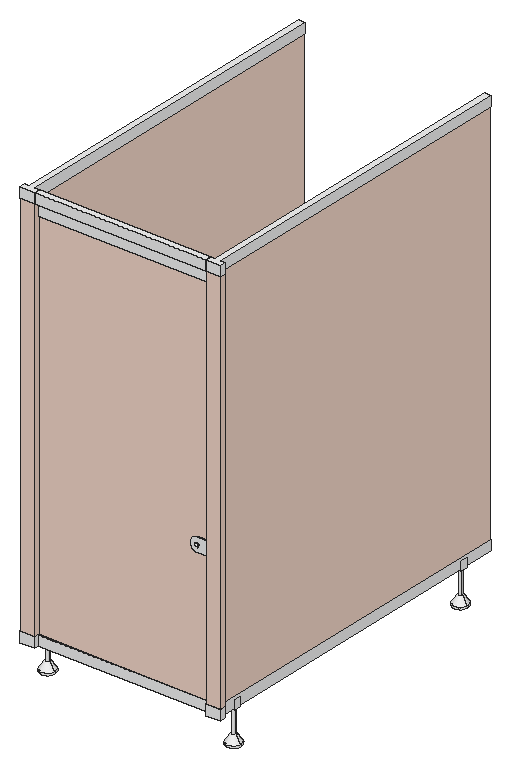
Revit family
Parameters
  Vis - Placement Lines = yes
  Vis - Door RHS = no
  Vis - Door LHS = yes
  Vis - Cubicle Legs = yes
  Top Frame Depth = 45 mm
  Plumbing Duct Depth = 300 mm
  Material Cubicle Panels = Toilet Cubicle Paneling
  Material Cubicle Frame = Toilet Cubicle Frame
  Material Cubicle Feet = Toilet Cubicle Feet
  Keynote = "K32"
  Handle Mounting Height = 800 mm
  Door Width = Cubicle Width - 65 mm  # 755 mm
  Door Head Clearance = 10 mm
  Cubicle Width = Cubicle Clear Width + Cubicle Panel Thickness  # 820 mm
  Cubicle Panel Thickness = 20 mm
  Cubicle Height = 1800 mm
  Cubicle Depth = 1500 mm
  Cubicle Clear Width = 800 mm
  Bttm Frame Depth = 45 mm
  Base Offset = 150 mm
Reference planes
  plane 1 "Center (Front/Back)": y = 0
  plane 2: z = 0
  plane 3 "Center (Left/Right)": x = -12.069
  plane 4: x = -422.069
  plane 5: x = 397.931
  plane 6: y = -1800
  plane 7: y = -300
  plane 8: z = 150
  plane 9: z = 1950
  plane 10: x = -389.569
  plane 11: x = 365.431
  plane 12: z = 1905
  plane 13: z = 1895
  plane 14: z = 195
  plane 15: x = -454.569
  plane 16: x = 430.431
  plane 17: z = 800
Forms (mm)
  Extrusion 1, solid, material "Toilet Cubicle Frame" <- "Material Cubicle Frame"
    sketch origin (142.5, 0, 1950) x (0, -1, 0) y (-1, 0, 0)
      loop
        line (1813, 532.069) -> (1787.295, 532.069) -> (1787.295, -222.931) -> (1813, -222.931) -> (1813, 532.069)
    from 0 to 45
Lines and regions (mm)
  symbolic lines, style "Toilet Cubicles", visible <- "Vis - Placement Lines"
    curve 1: line (-422.069, -300, 0) -> (397.931, -300, 0)
Dimensions and locks
  equal spacing: plane 4, plane 3 "Center (Left/Right)", plane 5
  "Cubicle Width": plane 4 to plane 5
  "Plumbing Duct Depth": plane 7 to plane 1 "Center (Front/Back)"
  "Cubicle Depth": plane 6 to plane 7
  "Base Offset": plane 8 to level
  "Cubicle Height": plane 9 to plane 8
  equal spacing: plane 10, plane 3 "Center (Left/Right)", plane 11
  "Door Width": plane 10 to plane 11
  "Top Frame Depth": plane 9 to plane 12
  "Door Head Clearance": plane 12 to plane 13
  "Bttm Frame Depth": plane 14 to plane 8
  equal spacing: plane 15, plane 4, plane 10
  equal spacing: plane 11, plane 5, plane 16
  "Handle Mounting Height": plane 17 to level
  aligned and locked: Extrusion 1 to plane 9
  aligned and locked: plane 12 to Extrusion 1
  aligned and locked: Extrusion 1 sketch curve to plane 11
  aligned and locked: nested 1 to plane 13
  aligned and locked: plane 5 to nested 2
  aligned and locked: plane 7 to nested 2
  aligned and locked: plane 10 to Extrusion 1
  aligned and locked: plane 4 to nested 3
  aligned and locked: nested 3 to plane 7
  aligned and locked: plane 6 to nested 1
  aligned and locked: nested 1 to plane 3 "Center (Left/Right)"
  aligned: curve 1 to nested 3
  aligned: curve 1 to nested 2
  aligned: nested 3 to curve 1
Automatic sketch dimensions
  Extrusion 1 sketch curve to plane 6 = 12.705 mm
  plane 6 to Extrusion 1 sketch curve = 13 mm
  Extrusion 1 sketch curve to Extrusion 1 sketch curve = 755 mm
  curve 1 to plane 4 = 0 mm
  curve 1 to plane 5 = 0 mm
  curve 1 to plane 7 = 0 mm
Nested families
  nested 1: "UK_Toilet Door" at (-10, 0, 0), Cubicle Width <- "Cubicle Width", type "End/Corner Cubicle"
    with Door Width 755 mm, Cubicle Width 820 mm
  nested 2: "UK_Cubicle PartyWall" at (0, 0, 0), type "UK_Cubicle PartyWall"
  nested 3: "UK_Cubicle PartyWall" at (-820, 0, 0), type "UK_Cubicle PartyWall"
Definition of nested family "UK_Toilet Door"
  Parameters (values of type "End/Corner Cubicle")
    Vis - Door RHS = no
    Vis - Door LHS = yes
    Top Frame Depth = 45 mm
    Material Cubicle Panels = Toilet Cubicle Paneling
    Material Cubicle Frame = Toilet Cubicle Frame
    Material Cubicle Feet = Toilet Cubicle Feet
    Handle Mounting Height = 800 mm
    Door Width [instance] = Cubicle Width - 65 mm  # 735 mm
    Door Head Clearance = 10 mm
    Cubicle Width [instance] = 800 mm
    Cubicle Panel Thickness = 20 mm
    Cubicle Height = 1800 mm
    Cubicle Depth = 1500 mm
    Bttm Frame Depth = 45 mm
    Base Offset = 150 mm
  Types (4, lengths in mm): name | Door Width | Cubicle Width
    (no name) | 735 | 800
    End/Corner Cubicle | 735 | 800
    Mid Cubicle | 785 | 850
    Cubicle Abutting Wall | 785 | 850
  Reference planes
    plane 1: z = 0
    plane 2 "Center (Left/Right)": x = -2.069
    plane 3: x = -402.069
    plane 4: x = 397.931
    plane 5 "Front of Cubicle": y = -1800
    plane 6: z = 150
    plane 7: z = 1950
    plane 8: x = -369.569
    plane 9: x = 365.431
    plane 10: z = 1905
    plane 11: z = 1895
    plane 12: z = 195
    plane 13: x = -434.569
    plane 14: x = 430.431
    plane 15: z = 800
    plane 16: y = -1780
  Forms (mm)
    Extrusion 1, solid, material "Toilet Cubicle Frame" <- "Material Cubicle Frame"
      sketch origin (-2.069, 0, 0) x (0, 1, 0) y (0, 0, 1)
        loop
          line (-1793, 1850) -> (-1767, 1850) -> (-1767, 1895) -> (-1793, 1895) -> (-1793, 1850)
        loop
          line (-1793, 195) -> (-1793, 150) -> (-1767, 150) -> (-1767, 195) -> (-1793, 195)
      from 367.5 to -367.5
    Extrusion 2, solid, material "Toilet Cubicle Paneling" <- "Material Cubicle Panels"
      sketch origin (0, 0, 0) x (1, 0, 0) y (0, 1, 0)
        loop
          line (-369.569, -1790) -> (365.431, -1790) -> (365.431, -1770) -> (-369.569, -1770) -> (-369.569, -1790)
      from 195 to 1850
  Lines and regions (mm)
    symbolic lines, visible <- "Vis - Door LHS"
      curve 1: line (-369.569, -1767, 0) -> (-369.569, -1032, 0)
      curve 2: arc (365.431, -1767, 0) -> (150.155, -1247.277, 0) -> (-369.569, -1032, 0) r 735
    symbolic lines, visible <- "Vis - Door RHS"
      curve 3: line (365.431, -1767, 0) -> (365.431, -1032, 0)
      curve 4: arc (-369.569, -1767, 0) -> (-154.292, -1247.277, 0) -> (365.431, -1032, 0) r 735
  Dimensions and locks
    equal spacing: plane 3, plane 2 "Center (Left/Right)", plane 4
    "Cubicle Width": plane 3 to plane 4
    "Base Offset": plane 6 to level
    "Cubicle Height": plane 7 to plane 6
    equal spacing: plane 8, plane 2 "Center (Left/Right)", plane 9
    "Door Width": plane 8 to plane 9
    "Top Frame Depth": plane 7 to plane 10
    "Door Head Clearance": plane 10 to plane 11
    "Bttm Frame Depth": plane 12 to plane 6
    equal spacing: plane 13, plane 3, plane 8
    equal spacing: plane 9, plane 4, plane 14
    "Handle Mounting Height": plane 15 to level
    "Cubicle Panel Thickness": plane 5 "Front of Cubicle" to plane 16
    equal spacing: Extrusion 2, plane 16, Extrusion 2
    "Cubicle Panel Thickness": Extrusion 2 to Extrusion 2
    locked: Extrusion 1 sketch curve to Extrusion 2 at 3  (x2)
    locked: Extrusion 2 to Extrusion 1 sketch curve at 3  (x2)
    aligned and locked: curve 2 to plane 8
    aligned and locked: plane 15 to nested 2
    aligned and locked: nested 1 to plane 9
    aligned and locked: nested 2 to plane 8
    aligned and locked: plane 16 to nested 1
    aligned and locked: nested 2 to plane 16
    aligned and locked: Extrusion 1 sketch curve to plane 11
    aligned and locked: Extrusion 1 to plane 9
    aligned and locked: plane 8 to Extrusion 1
    aligned and locked: Extrusion 2 to Extrusion 1
    aligned and locked: plane 12 to Extrusion 2
    aligned and locked: plane 8 to Extrusion 2
    aligned and locked: Extrusion 2 to plane 9
    aligned and locked: curve 1 to plane 8
    aligned and locked: curve 3 to plane 9
  Automatic sketch dimensions
    curve 1 to plane 5 "Front of Cubicle" = 33 mm
    curve 2 to curve 1 = 0 mm
    Extrusion 1 sketch curve to plane 6 = 0 mm
    Extrusion 1 sketch curve to plane 12 = 0 mm
    plane 11 to Extrusion 1 sketch curve = 45 mm
    Extrusion 2 sketch curve to plane 16 = 10 mm
    Extrusion 2 sketch curve to plane 8 = 0 mm
    plane 9 to Extrusion 2 sketch curve = 0 mm
    Extrusion 2 sketch curve to plane 5 "Front of Cubicle" = 10 mm
  Nested families
    nested 1: "Toilet Cubicle Handle" at (365.431, -1779.907, 0), visible <- "Vis - Door LHS", type "Toilet Cubicle Handle"
    nested 2: "Toilet Cubicle Handle" at (-369.569, -1779.907, -0.091) x (-1, 0, 0) z (0, 0, 1), visible <- "Vis - Door RHS", type "Toilet Cubicle Handle"
  Definition of nested family "Toilet Cubicle Handle"
    Parameters
      Panel Thickness = 20 mm
      Material  Handle = none
      Handle Z = 800 mm
      Handle X = 50 mm
    Reference planes
      plane 1 "Center (Front/Back)": y = -0.093
      plane 2: z = 0
      plane 3 "Center (Left/Right)": x = 0
      plane 4: z = 800
      plane 5: x = -50
      plane 6: y = -10.093
      plane 7: y = 9.907
    Forms (mm)
      Extrusion 1, solid, material <- "Material  Handle"
        sketch origin (0, -0.093, 0) x (1, 0, 0) y (0, 0, 1)
          loop
            line (0, 770) -> (0, 830.183) -> (-49.948, 830.183)
            arc (-49.948, 830.183) -> (-80.039, 800.091) -> (-49.948, 770) r 30.091
            line (-49.948, 770) -> (0, 770)
          loop
            circle (-49.948, 800.091) r 10
        from -18 to 18
    Dimensions and locks
      "Handle X": plane 5 to plane 3 "Center (Left/Right)"
      "Handle Z": plane 4 to level
      equal spacing: plane 7, plane 1 "Center (Front/Back)", plane 6
      "Panel Thickness": plane 6 to plane 7
      locked: Extrusion 1 to plane 7 at 8
      locked: Extrusion 1 to plane 6 at 8
    Automatic sketch dimensions
      Extrusion 1 sketch curve to Extrusion 1 sketch curve = 0 mm  (x2)
      Extrusion 1 sketch curve to plane 3 "Center (Left/Right)" = 0 mm
      Extrusion 1 sketch curve to plane 5 = 0.052 mm
      plane 4 to Extrusion 1 sketch curve = 30 mm
      Extrusion 1 sketch curve to plane 4 = 0.091 mm
      radius of Extrusion 1 sketch curve = 10 mm
Definition of nested family "UK_Cubicle PartyWall"
  Parameters
    Vis - Cubicle Legs = yes
    Top Frame Depth = 45 mm
    Plumbing Duct Depth = 300 mm
    Material Cubicle Panels = Toilet Cubicle Paneling
    Material Cubicle Frame = Toilet Cubicle Frame
    Material Cubicle Feet = Toilet Cubicle Feet
    Cubicle Panel Thickness = 20 mm
    Cubicle Height = 1800 mm
    Cubicle Depth = 1500 mm
    Bttm Frame Depth = 45 mm
    Base Offset = 150 mm
  Reference planes
    plane 1 "Center (Front/Back)": y = 0
    plane 2: z = 0
    plane 3: x = 397.931
    plane 4: y = -1800
    plane 5 "Back of Toilet": y = -300
    plane 6: z = 150
    plane 7: z = 1950
    plane 8: x = 365.431
    plane 9: z = 1905
    plane 10: z = 195
    plane 11: x = 430.431
    plane 12: y = -450
    plane 13: y = -1700
  Forms (mm)
    Extrusion 1, solid, material "Toilet Cubicle Frame" <- "Material Cubicle Frame"
      sketch origin (0, 0, 195) x (0, -1, 0) y (-1, 0, 0)
        loop
          line (1813, -365.431) -> (1787.295, -365.431) -> (1787.295, -430.431) -> (1813, -430.431) -> (1813, -365.431)
      from 0 to 45
    Extrusion 2, solid, material "Toilet Cubicle Frame" <- "Material Cubicle Frame"
      sketch origin (992.5, -300, 0) x (1, 0, 0) y (0, 0, 1)
        loop
          line (-607.569, 1905) -> (-581.569, 1905) -> (-581.569, 1950) -> (-607.569, 1950) -> (-607.569, 1905)
        loop
          line (-607.569, 195) -> (-607.569, 150) -> (-581.569, 150) -> (-581.569, 195) -> (-607.569, 195)
      from 0 to 1487.295
    Extrusion 3, solid, material "Toilet Cubicle Paneling" <- "Material Cubicle Panels"
      sketch origin (992.5, 0, 195) x (0, -1, 0) y (-1, 0, 0)
        loop
          line (300, 584.569) -> (1790, 584.569) -> (1790, 562.069) -> (1810, 562.069) -> (1810, 627.069) -> (1790, 627.069) -> (1790, 604.569) -> (300, 604.569) -> (300, 584.569)
      from 0 to -1710
    Extrusion 4, solid, material "Toilet Cubicle Frame" <- "Material Cubicle Frame"
      sketch origin (1042.5, 0, 1950) x (0, -1, 0) y (-1, 0, 0)
        loop
          line (1813, 677.069) -> (1787.295, 677.069) -> (1787.295, 612.069) -> (1813, 612.069) -> (1813, 677.069)
      from 0 to 45
  Cuts and joins
    joined: Extrusion 1, Extrusion 2, Extrusion 4
  Lines and regions (mm)
    symbolic lines, style "InvisibleLines"
      curve 1: line (70.931, -300, 0) -> (750.931, -300, 0)
  Dimensions and locks
    "Plumbing Duct Depth": plane 5 "Back of Toilet" to plane 1 "Center (Front/Back)"
    "Cubicle Depth": plane 4 to plane 5 "Back of Toilet"
    "Base Offset": plane 6 to level
    "Cubicle Height": plane 7 to plane 6
    "Top Frame Depth": plane 7 to plane 9
    "Bttm Frame Depth": plane 10 to plane 6
    equal spacing: plane 8, plane 3, plane 11
    plane 12 to plane 5 "Back of Toilet" = 150 mm
    plane 4 to plane 13 = 100 mm
    "Cubicle Panel Thickness": Extrusion 3 sketch curve to Extrusion 3 sketch curve  (x2)
    locked: Extrusion 2 sketch curve to Extrusion 3 at 3  (x4)
    equal spacing: Extrusion 3 sketch curve, plane 3, Extrusion 3 sketch curve
    equal spacing: Extrusion 3 sketch curve, plane 4, Extrusion 3 sketch curve
    aligned and locked: plane 6 to Extrusion 1
    aligned and locked: Extrusion 3 sketch curve to Extrusion 3 sketch curve
    aligned and locked: plane 10 to Extrusion 2 sketch curve
    aligned and locked: Extrusion 2 sketch curve to plane 6
    aligned and locked: Extrusion 2 sketch curve to plane 7
    aligned and locked: plane 9 to Extrusion 2 sketch curve
    aligned and locked: Extrusion 3 sketch curve to plane 5 "Back of Toilet"
    aligned and locked: nested 1 to plane 3
    aligned and locked: nested 2 to plane 3
    aligned and locked: plane 13 to nested 2
    aligned and locked: plane 12 to nested 1
    aligned and locked: Extrusion 4 to plane 11
    aligned and locked: Extrusion 4 to plane 7
    aligned and locked: plane 9 to Extrusion 4
    aligned and locked: Extrusion 2 to Extrusion 4
    aligned and locked: plane 8 to Extrusion 4 sketch curve
    aligned and locked: Extrusion 4 sketch curve to plane 11
    aligned and locked: Extrusion 3 sketch curve to plane 11
    aligned and locked: plane 10 to Extrusion 3
    aligned and locked: plane 5 "Back of Toilet" to curve 1
    aligned and locked: Extrusion 3 to plane 9
    aligned and locked: Extrusion 1 to plane 10
    aligned and locked: Extrusion 2 to plane 5 "Back of Toilet"
  Automatic sketch dimensions
    Extrusion 4 sketch curve to plane 4 = 12.705 mm
    plane 4 to Extrusion 4 sketch curve = 13 mm
    Extrusion 3 sketch curve to plane 8 = 0 mm
    Extrusion 1 sketch curve to plane 11 = 0 mm
    Extrusion 1 sketch curve to plane 8 = 0 mm
    Extrusion 1 sketch curve to plane 4 = 12.705 mm
    plane 4 to Extrusion 1 sketch curve = 13 mm
    plane 8 to curve 1 = 294.5 mm
    curve 1 to plane 11 = 320.5 mm
  Nested families
    nested 1: "Toilet Cubicle Leg" at (397.931, -450, 0), type "Toilet Cubicle Leg"
    nested 2: "Toilet Cubicle Leg" at (397.931, -1700, 0), type "Toilet Cubicle Leg"
  Definition of nested family "Toilet Cubicle Leg"
    Parameters
      Vis - Cubicle Legs = yes
      Partition Thickness = 20 mm
      Material Legs = Metal - Aluminium
      Foot Height = 150 mm
    Reference planes
      plane 1 "Center (Front/Back)": y = 0
      plane 2: z = 0
      plane 3 "Center (Left/Right)": x = 0
      plane 4: z = 150
      plane 5: x = -10
      plane 6: x = 10
    Forms (mm)
      Revolve 1, solid, material "Metal - Aluminium" <- "Material Legs", visible <- "Vis - Cubicle Legs"
        sketch origin (0, 0, 0) x (1, 0, 0) y (0, 0, 1)
          loop
            line (-7.5, 145) -> (-7.5, 43.57) -> (-32.943, 7.234) -> (-32.943, 0) -> (0, 0) -> (0, 145) -> (-7.5, 145)
          axis (0, 0) -> (0, 145)
        angle from 0 to 360
      Extrusion 2, solid, material "Metal - Aluminium" <- "Material Legs", visible <- "Vis - Cubicle Legs"
        sketch origin (0, 0, 0) x (1, 0, 0) y (0, 0, 1)
          loop
            line (15, 145) -> (15, 185) -> (10, 185) -> (10, 150) -> (-10, 150) -> (-10, 185) -> (-15, 185) -> (-15, 145) -> (15, 145)
        from 15 to -15
    Dimensions and locks
      "Foot Height": plane 4 to plane 2
      "Partition Thickness": plane 6 to plane 5
      equal spacing: plane 6, plane 3 "Center (Left/Right)", plane 5
      aligned and locked: plane 6 to Extrusion 2 sketch curve
      aligned and locked: plane 5 to Extrusion 2 sketch curve
    Automatic sketch dimensions
      Revolve 1 sketch curve to level = 0 mm
      Revolve 1 sketch curve to plane 3 "Center (Left/Right)" = 0 mm  (x2)
      Revolve 1 sketch curve to plane 3 "Center (Left/Right)" = 7.5 mm
      Revolve 1 sketch curve to plane 3 "Center (Left/Right)" = 32.943 mm
      Revolve 1 sketch curve to level = 60 mm
      Revolve 1 sketch curve to Revolve 1 sketch curve = 7.234 mm
      level to Revolve 1 sketch curve = 43.57 mm
      plane 4 to Revolve 1 sketch curve = 5 mm
      Revolve 1 sketch curve to plane 4 = 65 mm
      Extrusion 2 sketch curve to plane 4 = 0 mm
      Extrusion 2 sketch curve to Extrusion 2 sketch curve = 5 mm  (x2)
      plane 4 to Extrusion 2 sketch curve = 5 mm
      Extrusion 2 sketch curve to Extrusion 2 sketch curve = 35 mm
      Extrusion 2 sketch curve to Extrusion 2 sketch curve = 0 mm
